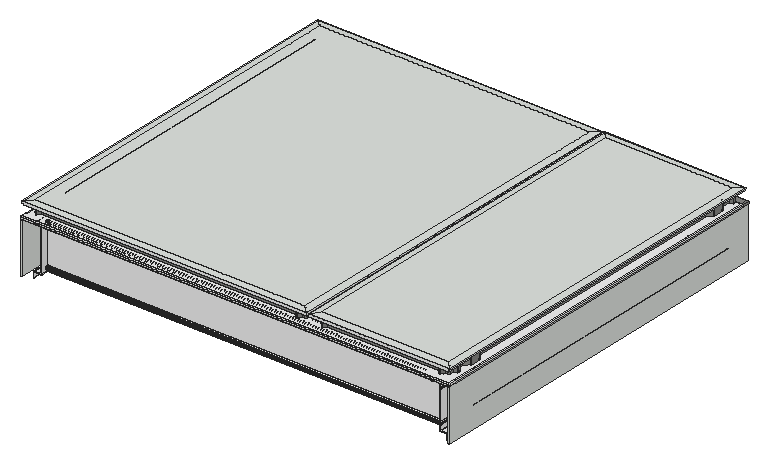
Revit family "Furniture-Mirror_Cabinet-KOHLER-ELOSIS-K-15033T", category Casework, host Face, Revit 2021 (continued)
Definition of nested family "K-15033T"
  Lines and regions (in)
    symbolic lines, detail levels medium+fine
      curve 118: arc (14.0187, 0, 4.029) -> (13.97309, 0, 3.98569) -> (13.91221, 0, 3.96994) r 0.12553
      curve 119: arc (14.4685, 0, 4.04868) -> (14.48941, 0, 4.05767) -> (14.49803, 0, 4.07874) r 0.03006
      curve 120: arc (14.8622, 0, 4.20282) -> (14.85522, 0, 4.18222) -> (14.83714, 0, 4.17011) r 0.03388
      curve 121: arc (14.13386, 0, 4.04868) -> (14.15477, 0, 4.05767) -> (14.16339, 0, 4.07874) r 0.03007
      curve 122: arc (14.06496, 0, 4.07874) -> (14.0736, 0, 4.05781) -> (14.09449, 0, 4.04907) r 0.02967
      curve 123: line (14.16339, 0, 4.19949) -> (14.06496, 0, 4.19949)
      curve 124: line (14.13386, 0, 4.14245) -> (14.09449, 0, 4.14245)
      curve 125: arc (14.09449, 0, 4.14245) -> (14.07535, 0, 4.14932) -> (14.06496, 0, 4.16679) r 0.03008
      curve 126: arc (14.16339, 0, 4.17097) -> (14.15438, 0, 4.15074) -> (14.13386, 0, 4.14245) r 0.02955
      curve 127: line (14.16339, 0, 4.58412) -> (14.13386, 0, 4.61364)
      curve 128: line (14.06496, 0, 4.58412) -> (14.09449, 0, 4.61364)
      curve 129: arc (14.8622, 0, 4.58412) -> (14.88308, 0, 4.59276) -> (14.89173, 0, 4.61364) r 0.02953
      curve 130: line (13.98425, 0, 3.72978) -> (13.98425, 0, 3.2416)
      curve 131: line (15, 0, 3.85183) -> (13.93701, 0, 3.85183)
      curve 132: line (13.93701, 0, 3.72978) -> (15, 0, 3.72978)
      curve 133: line (14.02404, 0, 3.72978) -> (14.02404, 0, 0.85971)
      curve 134: line (14, 0, 0.85971) -> (14, 0, 3.72978)
      curve 135: line (14.83991, 0, 3.72978) -> (14.83991, 0, 0.85971)
      curve 136: line (13.98425, 0, 3.72978) -> (13.98425, 0, 3.00537)
      curve 137: line (13.98425, 0, 3.00537) -> (13.98425, 0, 0.74687)
      curve 138: line (14.38189, 0, 0.36758) -> (13.93701, 0, 0.36758)
      curve 139: line (13.93701, 0, 0.24947) -> (13.93701, 0, 3.91089)
      curve 140: line (4.39961, 0, 4.07821) -> (4.16339, 0, 4.07874)
      curve 141: line (4.49803, 0, 4.07874) -> (4.8406, 0, 4.17104)
      curve 142: line (4.06496, 0, 4.58412) -> (4.06496, 0, 4.04868)
      curve 143: line (4.16339, 0, 4.04868) -> (4.16339, 0, 4.58412)
      curve 144: line (4.39961, 0, 4.07821) -> (4.39961, 0, 4.58412)
      curve 145: line (4.49803, 0, 4.04868) -> (4.49803, 0, 4.58412)
      curve 146: line (4.8622, 0, 4.19924) -> (4.8622, 0, 4.58412)
      curve 147: line (4.09449, 0, 4.61364) -> (4.09449, 0, 4.04868)
      curve 148: line (4.13386, 0, 4.04868) -> (4.13386, 0, 4.61364)
      curve 149: line (4.06496, 0, 4.19949) -> (4.16339, 0, 4.19949)
      curve 150: line (4.09449, 0, 4.14245) -> (4.13386, 0, 4.14245)
      curve 151: arc (4.13386, 0, 4.14245) -> (4.15438, 0, 4.15074) -> (4.16339, 0, 4.17097) r 0.02955
      curve 152: arc (4.06496, 0, 4.17097) -> (4.07396, 0, 4.15074) -> (4.09449, 0, 4.14245) r 0.02955
      curve 153: arc (4.8406, 0, 4.17104) -> (4.85618, 0, 4.18148) -> (4.8622, 0, 4.19924) r 0.02921
      curve 154: arc (-13.43504, 0, 4.029) -> (-13.42112, 0, 4.03476) -> (-13.41535, 0, 4.04868) r 0.01969
      curve 155: line (-11.52559, 0, 3.91089) -> (-11.52559, 0, 4.01915)
      curve 156: arc (-11.52559, 0, 4.01915) -> (-11.53315, 0, 4.03895) -> (-11.55197, 0, 4.04868) r 0.02972
      curve 157: line (3.76969, 0, 3.94435) -> (3.76969, 0, 4.01915)
      curve 158: line (-11.28937, 0, 4.01915) -> (3.76969, 0, 4.01915)
      curve 159: line (-11.28937, 0, 3.94435) -> (3.76969, 0, 3.94435)
      curve 160: line (3.76969, 0, 4.04868) -> (3.76969, 0, 4.00775)
      curve 161: line (-11.28937, 0, 3.91089) -> (-11.28937, 0, 4.04868)
      curve 162: line (-13.75197, 0, 3.71404) -> (-13.75197, 0, 3.66692)
      curve 163: line (-13.73215, 0, 3.64711) -> (-13.44471, 0, 3.64711)
      curve 164: line (-13.4252, 0, 3.66662) -> (-13.4252, 0, 3.71404)
      curve 165: arc (-13.44471, 0, 3.64711) -> (-13.43091, 0, 3.65282) -> (-13.4252, 0, 3.66662) r 0.01952
      curve 166: arc (-13.75197, 0, 3.66692) -> (-13.74616, 0, 3.65291) -> (-13.73215, 0, 3.64711) r 0.01982
      curve 167: line (-13.93701, 0, 0.36758) -> (13.93701, 0, 0.36758)
      curve 168: line (13.93701, 0, 0.37939) -> (-13.93701, 0, 0.37939)
      curve 169: line (13.93701, 0, 0.52311) -> (-13.93701, 0, 0.52311)
      curve 170: line (13.93701, 0, 0.55553) -> (-13.93701, 0, 0.55553)
      curve 171: line (13.93701, 0, 0.61167) -> (-13.93701, 0, 0.61167)
      curve 172: line (-13.93701, 0, 0.69041) -> (13.93701, 0, 0.69041)
      curve 173: line (13.93701, 0, 0.74656) -> (-13.93701, 0, 0.74656)
      curve 174: line (13.93701, 0, 0.76769) -> (-13.93701, 0, 0.76769)
      curve 175: line (13.93701, 0, 0.77898) -> (-13.93701, 0, 0.77898)
      curve 176: line (13.93701, 0, 0.5344) -> (-13.93701, 0, 0.5344)
      curve 177: line (5.05906, 0, 4.77309) -> (12.52834, 0, 4.77309)
      curve 178: line (5.05906, 0, 4.69435) -> (12.52834, 0, 4.69435)
      curve 179: line (5.16286, 0, 4.17011) -> (5.50197, 0, 4.07874)
      curve 180: line (5.1378, 0, 4.58412) -> (5.1378, 0, 4.20282)
      curve 181: line (5.50353, 0, 4.07874) -> (5.83661, 0, 4.07874)
      curve 182: line (5.50197, 0, 4.07874) -> (5.50197, 0, 4.58412)
      curve 183: line (5.60039, 0, 4.58412) -> (5.60039, 0, 4.04868)
      curve 184: line (5.83661, 0, 4.07874) -> (5.83661, 0, 4.58412)
      curve 185: line (5.93504, 0, 4.07874) -> (5.93504, 0, 4.58412)
      curve 186: line (5.10827, 0, 4.58412) -> (5.83661, 0, 4.58412)
      curve 187: line (5.86614, 0, 4.61364) -> (5.05906, 0, 4.61364)
      curve 188: line (5.90551, 0, 4.04907) -> (5.90551, 0, 4.61364)
      curve 189: line (5.86614, 0, 4.61364) -> (5.86614, 0, 4.04868)
      curve 190: arc (5.5315, 0, 4.04868) -> (5.51059, 0, 4.05767) -> (5.50197, 0, 4.07874) r 0.03006
      curve 191: arc (5.1378, 0, 4.20282) -> (5.14478, 0, 4.18222) -> (5.16286, 0, 4.17011) r 0.03388
      curve 192: arc (5.86614, 0, 4.04868) -> (5.84523, 0, 4.05767) -> (5.83661, 0, 4.07874) r 0.03007
      curve 193: arc (5.93504, 0, 4.07874) -> (5.9264, 0, 4.05781) -> (5.90551, 0, 4.04907) r 0.02967
      curve 194: line (5.83661, 0, 4.19949) -> (5.93504, 0, 4.19949)
      curve 195: line (5.86614, 0, 4.14245) -> (5.90551, 0, 4.14245)
      curve 196: arc (5.90551, 0, 4.14245) -> (5.92465, 0, 4.14932) -> (5.93504, 0, 4.16679) r 0.03008
      curve 197: arc (5.83661, 0, 4.17097) -> (5.84562, 0, 4.15074) -> (5.86614, 0, 4.14245) r 0.02955
      curve 198: line (5.83661, 0, 4.58412) -> (5.86614, 0, 4.61364)
      curve 199: line (5.93504, 0, 4.58412) -> (5.90551, 0, 4.61364)
      curve 200: line (5.90551, 0, 4.61364) -> (14.09449, 0, 4.61364)
      curve 201: line (14.06496, 0, 4.58412) -> (5.93504, 0, 4.58412)
      curve 202: line (14.09449, 0, 4.04907) -> (14.13368, 0, 4.04907)
      curve 203: line (14.06496, 0, 4.07874) -> (5.93504, 0, 4.07874)
      curve 204: line (5.96369, 0, 4.04868) -> (14.08656, 0, 4.04868)
      curve 205: arc (13.43504, 0, 4.029) -> (13.41304, 0, 4.03419) -> (13.39568, 0, 4.04868) r 0.04919
      curve 206: line (14.18307, 0, 4.04868) -> (14.13386, 0, 4.04868)
      curve 207: line (6.23031, 0, 4.01915) -> (11.28937, 0, 4.01915)
      curve 208: line (6.23031, 0, 3.94041) -> (11.28937, 0, 3.94041)
      curve 209: line (6.23031, 0, 3.94041) -> (6.23031, 0, 4.04868)
      curve 210: line (11.28937, 0, 3.94041) -> (11.28937, 0, 4.04868)
      curve 211: line (11.52559, 0, 3.91089) -> (11.52559, 0, 4.01915)
      curve 212: arc (11.52559, 0, 4.01915) -> (11.53346, 0, 4.03926) -> (11.55288, 0, 4.04868) r 0.02962
      curve 213: line (-15, -13.07087, 0) -> (-14.94094, -13.01181, 0)
      curve 214: line (-15, 13.07087, 0) -> (-14.94094, 13.01181, 0)
      curve 215: line (14.99985, 13.07087, 0) -> (14.9408, 13.01182, 0)
      curve 216: line (15, -13.07087, 0) -> (14.94094, -13.01181, 0)
      curve 217: line (0, 12.93307, 4.69435) -> (0, -12.93307, 4.69435)
      curve 218: line (0, 12.93307, 4.77309) -> (0, -12.93307, 4.77309)
      curve 219: line (0, 12.00787, 4.07821) -> (0, 12.00787, 4.58412)
      curve 220: line (0, 12.1063, 4.07874) -> (0, 12.1063, 4.58412)
      curve 221: line (0, 12.07677, 4.61364) -> (0, 12.07677, 4.14245)
      curve 222: line (0, 12.0374, 4.14245) -> (0, 12.0374, 4.61364)
      curve 223: line (0, 12.07677, 4.04922) -> (0, 12.07677, 4.14245)
      curve 224: line (0, 12.0374, 4.14245) -> (0, 12.0374, 4.04868)
      curve 225: line (0, -12.44094, 4.04868) -> (0, 11.97699, 4.04868)
      curve 226: line (0, 11.92521, 3.91089) -> (0, -12.55906, 3.91089)
      curve 227: line (0, 13.07087, 3.72978) -> (0, 12.55906, 3.72978)
      curve 228: line (0, 13.0315, 3.69435) -> (0, -13.0315, 3.69435)
      curve 229: line (0, 12.55906, 0.00144) -> (0, 12.55906, 3.91089)
      curve 230: line (0, 13.07087, 3.85183) -> (0, 12.55906, 3.85183)
      curve 231: line (0, 12.55906, 3.85183) -> (0, -12.55906, 3.85183)
      curve 232: line (0, 12.55906, 3.72585) -> (0, -12.55906, 3.72585)
      curve 233: line (0, -13.0315, 3.71404) -> (0, 12.55906, 3.71404)
      curve 234: line (0, 12.1063, 4.58412) -> (0, 12.80512, 4.58412)
      curve 235: line (0, 12.07677, 4.61364) -> (0, 12.83465, 4.61364)
      curve 236: line (0, 12.0374, 4.61364) -> (0, 10.98425, 4.61364)
      curve 237: line (0, 11.00394, 4.58412) -> (0, 12.00787, 4.58412)
      curve 238: line (0, 9.2126, 4.16679) -> (0, 12.00787, 4.16679)
      curve 239: line (0, 12.00787, 4.18648) -> (0, 9.88082, 4.18648)
      curve 240: line (0, 12.80512, 4.19958) -> (0, 12.80512, 4.58412)
      curve 241: line (0, 12.78319, 4.17095) -> (0, 12.43819, 4.07799)
      curve 242: line (0, 12.1063, 4.07874) -> (0, 12.43819, 4.07799)
      curve 243: line (0, 9.38976, 4.10774) -> (0, 11.83071, 4.10774)
      curve 244: line (0, 11.00394, 4.58412) -> (0, 11.00394, 4.18648)
      curve 245: line (0, 10.98425, 4.61364) -> (0, 10.98425, 4.16679)
      curve 246: line (0, 11.94882, 3.94435) -> (0, 11.2112, 3.94435)
      curve 247: line (0, 11.29921, 4.029) -> (0, 11.77165, 4.029)
      curve 248: line (0, 10.23622, 4.16679) -> (0, 10.23622, 4.61364)
      curve 249: line (0, 10.21654, 4.18648) -> (0, 10.21654, 4.58412)
      curve 250: line (0, 10.23622, 4.61364) -> (0, -10.23622, 4.61364)
      curve 251: line (0, -10.21654, 4.58412) -> (0, 10.21654, 4.58412)
      curve 252: line (0, 9.92833, 4.58412) -> (0, 9.92833, 4.18648)
      curve 253: line (0, 9.88082, 4.18648) -> (0, 9.18307, 4.18648)
      curve 254: line (0, 9.35039, 4.07821) -> (0, -9.18307, 4.07821)
      curve 255: arc (0, 12.78319, 4.17095) -> (0, 12.799, 4.18155) -> (0, 12.80512, 4.19958) r 0.02964
      curve 256: line (0, 12.1063, 4.19949) -> (0, 12.00787, 4.19949)
      curve 257: line (0, 12.07677, 4.14245) -> (0, 12.0374, 4.14245)
      curve 258: line (0, 11.29215, 4.18648) -> (0, 11.29215, 4.58412)
      curve 259: line (0, 9.35039, 4.07821) -> (0, 12.00787, 4.07821)
      curve 260: line (0, 11.87008, 4.04868) -> (0, 11.87008, 4.16679)
      curve 261: line (0, 11.83071, 4.10774) -> (0, 11.83071, 4.16679)
      curve 262: line (0, 11.94882, 4.02051) -> (0, 10.82677, 4.02051)
      curve 263: line (0, 11.85039, 4.04868) -> (0, 11.85039, 3.94435)
      curve 264: arc (0, 11.85039, 3.94435) -> (0, 11.85603, 3.92464) -> (0, 11.87124, 3.91089) r 0.03729
      curve 265: arc (0, 11.77165, 4.029) -> (0, 11.78557, 4.03476) -> (0, 11.79134, 4.04868) r 0.01969
      curve 266: arc (0, 11.27953, 4.04868) -> (0, 11.28529, 4.03476) -> (0, 11.29921, 4.029) r 0.01969
      curve 267: arc (0, 12.00787, 4.07821) -> (0, 12.01652, 4.05733) -> (0, 12.0374, 4.04868) r 0.02953
      curve 268: arc (0, 12.1063, 4.07874) -> (0, 12.09765, 4.05786) -> (0, 12.07677, 4.04922) r 0.02953
      curve 269: line (0, 12.00787, 4.07821) -> (0, 12.10626, 4.07821)
      curve 270: line (0, 12.44094, 4.58412) -> (0, 12.44094, 4.04868)
      curve 271: line (0, 12.34252, 4.58412) -> (0, 12.34252, 4.04868)
      curve 272: arc (0, 12.0374, 4.14245) -> (0, 12.01827, 4.14932) -> (0, 12.00787, 4.16679) r 0.03008
      curve 273: arc (0, 12.1063, 4.17097) -> (0, 12.0973, 4.15074) -> (0, 12.07677, 4.14245) r 0.02955
      curve 274: line (0, 10.00984, 3.94435) -> (0, -11.7126, 3.94435)
      curve 275: line (0, 10.82677, 4.10774) -> (0, 10.82677, 3.96994)
      curve 276: line (0, 10.82677, 3.96994) -> (0, 11.2112, 3.96994)
      curve 277: line (0, 11.2112, 3.96994) -> (0, 11.2112, 3.91089)
      curve 278: line (0, 10.00984, 3.91089) -> (0, 10.00984, 3.96994)
      curve 279: line (0, 10.00984, 3.96994) -> (0, 10.3937, 3.96994)
      curve 280: line (0, 10.3937, 3.96994) -> (0, 10.3937, 4.04868)
      curve 281: line (0, 10.3937, 4.01915) -> (0, -10.3937, 4.01915)
      curve 282: arc (0, 11.27408, 4.16679) -> (0, 11.28694, 4.17312) -> (0, 11.29215, 4.18648) r 0.01976
      curve 283: arc (0, 11.00394, 4.18648) -> (0, 10.99817, 4.17256) -> (0, 10.98425, 4.16679) r 0.01969
      curve 284: line (0, 11.79134, 4.04868) -> (0, 11.79134, 4.10774)
      curve 285: line (0, 11.27953, 4.04868) -> (0, 11.27953, 4.10774)
      curve 286: line (0, 11.73228, 4.16679) -> (0, 11.73228, 4.029)
      curve 287: line (0, 11.64134, 4.10774) -> (0, 11.64134, 4.16679)
      curve 288: line (0, 11.46919, 4.10774) -> (0, 11.46919, 4.16679)
      curve 289: line (0, 11.33858, 4.10774) -> (0, 11.33858, 4.029)
      curve 290: line (0, 11.01581, 4.10774) -> (0, 11.01581, 4.16679)
      curve 291: line (0, 10.96511, 4.10774) -> (0, 10.96511, 4.16679)
      curve 292: line (0, 9.35039, 4.04868) -> (0, 9.35039, 4.16679)
      curve 293: line (0, 9.18307, 4.18648) -> (0, 9.18307, 4.04868)
      curve 294: line (0, 9.2126, 4.16679) -> (0, 9.2126, 4.07821)
      curve 295: line (0, 9.38976, 4.16679) -> (0, 9.38976, 4.10774)
      curve 296: line (0, 10.25536, 4.10774) -> (0, 10.25536, 4.16679)
      curve 297: line (0, 9.44882, 4.029) -> (0, 9.92126, 4.029)
      curve 298: arc (0, 10.23622, 4.16679) -> (0, 10.2223, 4.17256) -> (0, 10.21654, 4.18648) r 0.01969
      curve 299: line (0, 10.20466, 4.10774) -> (0, 10.20466, 4.16679)
      curve 300: line (0, 9.84672, 4.10774) -> (0, 9.84672, 4.16679)
      curve 301: line (0, 9.75128, 4.10774) -> (0, 9.75128, 4.16679)
      curve 302: line (0, 9.48819, 4.10774) -> (0, 9.48819, 4.16679)
      curve 303: arc (0, 9.2126, 4.07821) -> (0, 9.20395, 4.05733) -> (0, 9.18307, 4.04868) r 0.02953
      curve 304: arc (0, 9.42913, 4.04868) -> (0, 9.4349, 4.03476) -> (0, 9.44882, 4.029) r 0.01969
      curve 305: arc (0, 9.92126, 4.029) -> (0, 9.93518, 4.03476) -> (0, 9.94094, 4.04868) r 0.01969
      curve 306: line (0, 9.94094, 4.04868) -> (0, 9.94094, 4.10774)
      curve 307: line (0, 9.42913, 4.04868) -> (0, 9.42913, 4.10774)
      curve 308: line (0, 9.48819, 4.10774) -> (0, 9.48819, 4.029)
      curve 309: line (0, 9.57874, 4.029) -> (0, 9.57874, 4.10774)
      curve 310: line (0, 9.75128, 4.10774) -> (0, 9.75128, 4.029)
      curve 311: line (0, 9.88189, 4.029) -> (0, 9.88189, 4.10774)
      curve 312: arc (0, 9.92833, 4.18648) -> (0, 9.93395, 4.1727) -> (0, 9.9476, 4.16679) r 0.01969
      curve 313: line (0, 9.2126, 4.16679) -> (0, 9.18307, 4.18648)
      curve 314: line (0, 13.0315, 0.15104) -> (0, -13.0315, 0.15104)
      curve 315: line (0, 12.55906, 0.02506) -> (0, -12.55906, 0.02506)
      curve 316: line (0, -12.00787, 4.07821) -> (0, -12.00787, 4.58412)
      curve 317: line (0, -12.1063, 4.07874) -> (0, -12.1063, 4.58412)
      curve 318: line (0, -12.07677, 4.61364) -> (0, -12.07677, 4.14245)
      curve 319: line (0, -12.0374, 4.14245) -> (0, -12.0374, 4.61364)
      curve 320: line (0, -12.07677, 4.04922) -> (0, -12.07677, 4.14245)
      curve 321: line (0, -12.0374, 4.14245) -> (0, -12.0374, 4.04868)
      curve 322: line (0, -13.07087, 3.72978) -> (0, -12.55906, 3.72978)
      curve 323: line (0, -12.55906, 0.00144) -> (0, -12.55906, 3.91089)
      curve 324: line (0, -13.07087, 3.85183) -> (0, -12.55906, 3.85183)
      curve 325: line (0, -12.1063, 4.58412) -> (0, -12.80512, 4.58412)
      curve 326: line (0, -12.07677, 4.61364) -> (0, -12.83465, 4.61364)
      curve 327: line (0, -12.0374, 4.61364) -> (0, -10.98425, 4.61364)
      curve 328: line (0, -11.00394, 4.58412) -> (0, -12.00787, 4.58412)
      curve 329: line (0, -9.2126, 4.16679) -> (0, -12.00787, 4.16679)
      curve 330: line (0, -12.00787, 4.18648) -> (0, -9.88082, 4.18648)
      curve 331: line (0, -12.80512, 4.19958) -> (0, -12.80512, 4.58412)
      curve 332: line (0, -12.78319, 4.17095) -> (0, -12.43819, 4.07799)
      curve 333: line (0, -12.1063, 4.07874) -> (0, -12.43819, 4.07799)
      curve 334: line (0, -9.38976, 4.10774) -> (0, -11.83071, 4.10774)
      curve 335: line (0, -11.00394, 4.58412) -> (0, -11.00394, 4.18648)
      curve 336: line (0, -10.98425, 4.61364) -> (0, -10.98425, 4.16679)
      curve 337: line (0, -11.94882, 3.94435) -> (0, -11.2112, 3.94435)
      curve 338: line (0, -11.29921, 4.029) -> (0, -11.77165, 4.029)
      curve 339: line (0, -10.23622, 4.16679) -> (0, -10.23622, 4.61364)
      curve 340: line (0, -10.21654, 4.18648) -> (0, -10.21654, 4.58412)
      curve 341: line (0, -9.92833, 4.58412) -> (0, -9.92833, 4.18648)
      curve 342: line (0, -9.88082, 4.18648) -> (0, -9.18307, 4.18648)
      curve 343: arc (0, -12.78319, 4.17095) -> (0, -12.799, 4.18155) -> (0, -12.80512, 4.19958) r 0.02964
      curve 344: line (0, -12.1063, 4.19949) -> (0, -12.00787, 4.19949)
      curve 345: line (0, -12.07677, 4.14245) -> (0, -12.0374, 4.14245)
      curve 346: line (0, -11.29215, 4.18648) -> (0, -11.29215, 4.58412)
      curve 347: line (0, -9.35039, 4.07821) -> (0, -12.00787, 4.07821)
      curve 348: line (0, -11.87008, 4.04868) -> (0, -11.87008, 4.16679)
      curve 349: line (0, -11.83071, 4.10774) -> (0, -11.83071, 4.16679)
      curve 350: line (0, -11.94882, 4.02051) -> (0, -10.82677, 4.02051)
      curve 351: line (0, -11.85039, 4.04868) -> (0, -11.85039, 3.94435)
      curve 352: arc (0, -11.85039, 3.94435) -> (0, -11.85603, 3.92464) -> (0, -11.87124, 3.91089) r 0.03729
      curve 353: arc (0, -11.77165, 4.029) -> (0, -11.78557, 4.03476) -> (0, -11.79134, 4.04868) r 0.01969
      curve 354: arc (0, -11.27953, 4.04868) -> (0, -11.28529, 4.03476) -> (0, -11.29921, 4.029) r 0.01969
      curve 355: arc (0, -12.00787, 4.07821) -> (0, -12.01652, 4.05733) -> (0, -12.0374, 4.04868) r 0.02953
      curve 356: arc (0, -12.1063, 4.07874) -> (0, -12.09765, 4.05786) -> (0, -12.07677, 4.04922) r 0.02953
      curve 357: line (0, -12.00787, 4.07821) -> (0, -12.10626, 4.07821)
      curve 358: line (0, -12.44094, 4.58412) -> (0, -12.44094, 4.04868)
      curve 359: line (0, -12.34252, 4.58412) -> (0, -12.34252, 4.04868)
      curve 360: arc (0, -12.0374, 4.14245) -> (0, -12.01827, 4.14932) -> (0, -12.00787, 4.16679) r 0.03008
      curve 361: arc (0, -12.1063, 4.17097) -> (0, -12.0973, 4.15074) -> (0, -12.07677, 4.14245) r 0.02955
      curve 362: line (0, -10.82677, 4.10774) -> (0, -10.82677, 3.96994)
      curve 363: line (0, -10.82677, 3.96994) -> (0, -11.2112, 3.96994)
      curve 364: line (0, -11.2112, 3.96994) -> (0, -11.2112, 3.91089)
      curve 365: line (0, -10.00984, 3.91089) -> (0, -10.00984, 3.96994)
      curve 366: line (0, -10.00984, 3.96994) -> (0, -10.3937, 3.96994)
      curve 367: line (0, -10.3937, 3.96994) -> (0, -10.3937, 4.04868)
      curve 368: arc (0, -11.00394, 4.18648) -> (0, -10.99817, 4.17256) -> (0, -10.98425, 4.16679) r 0.01969
      curve 369: line (0, -11.79134, 4.04868) -> (0, -11.79134, 4.10774)
      curve 370: line (0, -11.27953, 4.04868) -> (0, -11.27953, 4.10774)
      curve 371: line (0, -11.73228, 4.16679) -> (0, -11.73228, 4.029)
      curve 372: line (0, -11.64134, 4.10774) -> (0, -11.64134, 4.16679)
      curve 373: line (0, -11.46919, 4.10774) -> (0, -11.46919, 4.16679)
      curve 374: line (0, -11.33858, 4.10774) -> (0, -11.33858, 4.029)
      curve 375: line (0, -11.01581, 4.10774) -> (0, -11.01581, 4.16679)
      curve 376: line (0, -10.96511, 4.10774) -> (0, -10.96511, 4.16679)
      curve 377: line (0, -9.35039, 4.04868) -> (0, -9.35039, 4.16679)
      curve 378: line (0, -9.18307, 4.18648) -> (0, -9.18307, 4.04868)
      curve 379: line (0, -9.2126, 4.16679) -> (0, -9.2126, 4.07821)
      curve 380: line (0, -9.38976, 4.16679) -> (0, -9.38976, 4.10774)
      curve 381: line (0, -10.25536, 4.10774) -> (0, -10.25536, 4.16679)
      curve 382: line (0, -9.44882, 4.029) -> (0, -9.92126, 4.029)
      curve 383: arc (0, -10.23622, 4.16679) -> (0, -10.2223, 4.17256) -> (0, -10.21654, 4.18648) r 0.01969
      curve 384: line (0, -10.20466, 4.10774) -> (0, -10.20466, 4.16679)
      curve 385: line (0, -9.84672, 4.10774) -> (0, -9.84672, 4.16679)
      curve 386: line (0, -9.75128, 4.10774) -> (0, -9.75128, 4.16679)
      curve 387: line (0, -9.48819, 4.10774) -> (0, -9.48819, 4.16679)
      curve 388: arc (0, -9.2126, 4.07821) -> (0, -9.20395, 4.05733) -> (0, -9.18307, 4.04868) r 0.02953
      curve 389: arc (0, -9.42913, 4.04868) -> (0, -9.4349, 4.03476) -> (0, -9.44882, 4.029) r 0.01969
      curve 390: arc (0, -9.92126, 4.029) -> (0, -9.93518, 4.03476) -> (0, -9.94094, 4.04868) r 0.01969
      curve 391: line (0, -9.94094, 4.04868) -> (0, -9.94094, 4.10774)
      curve 392: line (0, -9.42913, 4.04868) -> (0, -9.42913, 4.10774)
      curve 393: line (0, -9.48819, 4.10774) -> (0, -9.48819, 4.029)
      curve 394: line (0, -9.57874, 4.029) -> (0, -9.57874, 4.10774)
      curve 395: line (0, -9.75128, 4.10774) -> (0, -9.75128, 4.029)
      curve 396: line (0, -9.88189, 4.029) -> (0, -9.88189, 4.10774)
      curve 397: line (0, -9.2126, 4.16679) -> (0, -9.18307, 4.18648)
  Dimensions and locks (in)
    plane 4 to plane 5 = 26.14175"
    plane 7 to plane 6 = 29.99985"
    plane 8 to level = 4.81246"
    plane 6 to plane 7 = 29.99985"
    plane 9 to plane 7 = 19.9016"
    plane 10 to plane 6 = 9.94079"
    plane 8 to plane 11 = 4.64173"
    aligned and locked: plane 2 to level
